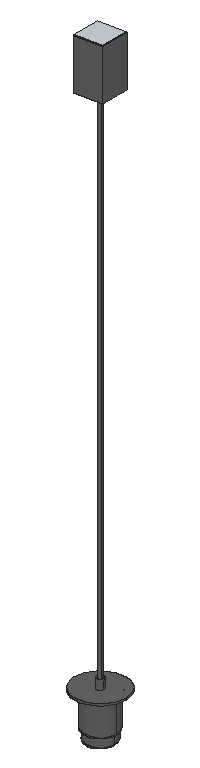
Revit family "LTC-3SQD-CM", category Lighting Fixtures, host Face, Revit 2021
Family settings
  Host = Face
  Round Connector Dimension = Use Diameter
  Part Type = Normal
  OmniClass Number = 23.80.70.11.14.11
  OmniClass Title = Downlights
  Cut with Voids When Loaded = No
  Light Source = Yes
  Shared = No
  Room Calculation Point = No
Parameters (values of type "LTC-3SQD-CM")
  Wattage Comments = "8-25W"
  Wattage = 100 W
  Warranty = "5 year warranty"  # constant formula
  built-in parameter 1150110 = 1 (stored number, unit not read)
  Voltage = 120 V
  built-in parameter 1114217 = 1 (stored number, unit not read)
  Tilt Angle = -90.00°  # constant formula
  built-in parameter 1150109 = 1 (stored number, unit not read)
  built-in parameter 1150134 = 3
  built-in parameter 1150113 = 1 (stored number, unit not read)
  Photometric Web File = "LTC-3SQD-P-20L35K8MD-DM1-S-BL.ies"
  Features = "•\t3inch architectural LED square downlight and wall wash cylinder delivering 600 - 2000 lm\r\n•\t4 beam distributions from 0.6 to 1.2 Spacing Criteria\r\n•\tQuiet reflector appearance with 50º optical cutoff\r\n•\t2700K - 5000K, 80+ and 90+ CRI options\r\n•\tAvailable in Surface, Wall, Pendant, or Cord Mount configurations\r\n•\tVariety of dimming protocol options including 0-10V, DALI, DMX, Forward Phase and EcoSystem\r\n•\tNX Distributed Intelligence™ wired and wireless controls capability available\r\n•\t2 SDCM color consistency\r\n•\tLong life L90 at 55,000 hrs (TM-21)\r\n•\tFive year warranty\r\n\r\n"  # constant formula
  Emit from Rectangle Width = 4.000"  # constant formula
  Emit from Rectangle Length = 4.000"  # constant formula
  Cord Height = 72.000"  # constant formula
  built-in parameter 1150105 = -5684000 (stored number, unit not read)
  Lumens = 2000 lm
  built-in parameter 1150115 = 1 (stored number, unit not read)
  built-in parameter 1150137 = (empty or 0)
  built-in parameter 1150139 = (empty or 0)
  built-in parameter 1150112 = 1 (stored number, unit not read)
  built-in parameter 1150114 = 1 (stored number, unit not read)
  built-in parameter 1150132 = 2
  built-in parameter 1150102 = (empty or 0)
  built-in parameter 1150107 = 3200 (stored number, unit not read)
  built-in parameter 1150138 = (empty or 0)
  built-in parameter 1150106 = -56840 (stored number, unit not read)
  Emit Shape Visible in Rendering = no
  built-in parameter 1150104 = 1.8581 (stored number, unit not read)
  Dimming Lamp Color Temperature Shift = <None>
  Copyright = "Prescolite"  # constant formula
  Contact us = ""
  Color Filter = 16777215
  Certifications = "• cCSAus certified to UL 1598\r\n• Wall Mount: Suitable for wet locations\r\n• Surface & Pendant Mount: Suitable for wet\r\nlocations under covered ceiling\r\n• Cord Mount and all Wall Wash: Suitable for\r\ndamp locations"  # constant formula
  built-in parameter 1114218 = 1 (stored number, unit not read)
  Ballast = Paint - Carbon Black
  URL = "https://www.currentlighting.com/prescolite"
  Product Page URL = ""
  Product Documentation Link = ""
  Model = "LTC-3SQD"  # constant formula
  Manufacturer = "Prescolite"  # constant formula
  Lamp = "LED Lamp"
  Reflector = Glass - Glass
  Description = "LITEISTRY™ 3inch Square Cylinder"  # constant formula
  Default Elevation = 48.000"
  built-in parameter 1150133 = 10 (stored number, unit not read)
  Apparent Load = 25 VA  # constant formula
Reference planes (in)
  plane 1 "Center (Front/Back)": y = 0
  plane 2: z = 0
  plane 3 "Center (Left/Right)": x = 0
  plane 4: z = 72
  plane 5: z = 71.75
  plane 6: x = -1
  plane 7: y = 1
  plane 8: x = 1
  plane 9: y = -1
  plane 10: z = 0.25
  plane 11: x = 3
  plane 12: x = -3
  plane 13: x = -2.75391
  plane 14: x = 2.75391
Forms (in)
  Revolve 1, solid, material "Paint - Carbon Black" <- "Ballast"
    sketch origin (0, 0, -5.91673) x (1, 0, 0) y (0, 0, 1)
      loop
        line (-0.5, 5.91673) -> (0, 5.91673) -> (0, 77.91673) -> (-0.38833, 77.91673) -> (-0.38833, 77.66673) -> (-0.25, 77.66673) -> (-0.25, 7.36595) -> (-0.5, 7.36595) -> (-0.5, 5.91673)
      axis (0, 77.91673) -> (0, 5.91673)
    angle from 0 to 360
  Extrusion 2, solid, material "Paint - Carbon Black" <- "Ballast"
    sketch origin (0, 0, 0) x (1, 0, 0) y (0, 1, 0)
      loop
        circle (0, 0) r 3.5
    from 0 to 0.25
  Revolve 3, solid, material "Paint - Carbon Black" <- "Ballast"
    sketch origin (0, 0, 0) x (1, 0, 0) y (0, 0, 1)
      loop
        line (0, -6) -> (0, 0.00055) -> (-2.5, 0.00055) -> (-2.5, -0.43712)
        arc (-2.5, -0.43712) -> (-2.48175, -0.48119) -> (-2.43767, -0.49945) r 0.06233
        line (-2.43767, -0.49945) -> (-2.30081, -0.49945)
        arc (-2.30081, -0.49945) -> (-2.26488, -0.51433) -> (-2.25, -0.55026) r 0.05081
        line (-2.25, -0.55026) -> (-2.25, -4.55877)
        arc (-2.25, -4.55877) -> (-2.2306, -4.6056) -> (-2.18377, -4.625) r 0.06623
        line (-2.18377, -4.625) -> (-2.03463, -4.625)
        arc (-2.03463, -4.625) -> (-2.01014, -4.63514) -> (-2, -4.65963) r 0.03463
        line (-2, -4.65963) -> (-2, -5.88059)
        arc (-2, -5.88059) -> (-1.96503, -5.96503) -> (-1.88059, -6) r 0.11941
        line (-1.88059, -6) -> (0, -6)
      axis (0, 0.00055) -> (0, -6)
    angle from 0 to 360
Cuts and joins
  joined: Revolve 1, Extrusion 2
Dimensions and locks (in)
  "Cord Height": plane 4 to host face
  locked: plane 4 to plane 5 at 0.25
  plane 6 to plane 3 "Center (Left/Right)" to plane 8 = 1.000" locked, 1.000" locked
  plane 7 to plane 1 "Center (Front/Back)" to plane 9 = 1.000" locked, 1.000" locked
  locked: plane 10 to level at 0.25
  host face to Revolve 3 sketch curve = 6.000"
  nested 1 to plane 4 = 7.000"
  aligned and locked: plane 2 to host face
  aligned and locked: Revolve 1 sketch curve to plane 4
  aligned and locked: Revolve 1 sketch curve to host face
  aligned and locked: plane 5 to Revolve 1 sketch curve
  aligned and locked: plane 3 "Center (Left/Right)" to nested 1
  aligned and locked: nested 1 to plane 1 "Center (Front/Back)"
  aligned and locked: Extrusion 2 to level
  aligned and locked: plane 10 to Extrusion 2
  aligned and locked: plane 3 "Center (Left/Right)" to imposter light
Automatic sketch dimensions
  host sketch curve to host sketch curve = 96.000"  (x2)
  Revolve 3 sketch curve to plane 3 "Center (Left/Right)" = 0.000"  (x2)
  plane 13 to Revolve 3 sketch curve = 0.87332"
  Revolve 3 sketch curve to Revolve 3 sketch curve = 0.11941"
  Revolve 3 sketch curve to Revolve 3 sketch curve = 0.03463"
  Revolve 3 sketch curve to Revolve 3 sketch curve = 0.14914"
  Revolve 3 sketch curve to Revolve 3 sketch curve = 0.06623"
  Revolve 3 sketch curve to Revolve 3 sketch curve = 0.05081"
  Revolve 3 sketch curve to Revolve 3 sketch curve = 0.13687"
  level to Revolve 3 sketch curve = 0.00055"
  plane 13 to Revolve 3 sketch curve = 0.25391"
  Revolve 3 sketch curve to Revolve 3 sketch curve = 1.22096"
  Revolve 3 sketch curve to level = 0.55026"
  Revolve 3 sketch curve to Revolve 3 sketch curve = 17.63999"
  plane 4 to Revolve 3 sketch curve = 31.07883"
  plane 1 "Center (Front/Back)" to Extrusion 2 sketch curve = 0.000"
  Extrusion 2 sketch curve to plane 3 "Center (Left/Right)" = 0.000"
  Revolve 1 sketch curve to plane 3 "Center (Left/Right)" = 0.000"  (x2)
  Revolve 1 sketch curve to plane 3 "Center (Left/Right)" = 0.250"
  Revolve 1 sketch curve to Revolve 1 sketch curve = 0.13833"
  Revolve 1 sketch curve to Revolve 1 sketch curve = 0.500"
  plane 10 to Revolve 1 sketch curve = 1.19922"
  Revolve 1 sketch curve to Revolve 1 sketch curve = 7.74272"
  Revolve 1 sketch curve to level = 13.75728"
  radius of Extrusion 2 sketch curve = 3.500"
Nested families (in)
  nested 1: "LTC" at (0, 0, 72) x (0, 1, 0) z (0, 0, 1), Ballast <- "Ballast", Reflector <- "Reflector", type "6"
    with Reflector Glass - Glass, Ballast Paint - Carbon Black
Connectors (in)
  electrical at (0, 0, 0), driven by "Description", driven by "Voltage", driven by "Apparent Load"
    settings: index 1, voltage 120 V, apparent load 25 VA, apparent load phase1 0 VA, apparent load phase2 0 VA, apparent load phase3 0 VA, power factor 1, load classification "Other", number of poles 1, system type 30, power factor state 1, is connector primary yes, connector utility no, sub classification motor no, connector description "LITEISTRY™ 3inch Square Cylinder"
Definition of nested family "LTC"
  Parameters
    Width = 3.92188"
    Wattage Comments = ""
    Lamp = ""
    Ballast [instance] = none
    URL = ""
    Product Page URL = ""
    Product Documentation Link = ""
    Model = ""
    Manufacturer Phone = ""
    Manufacturer Fax = ""
    Manufacturer = "Prescolite"
    Reflector [instance] = none
    Description = ""
    Default Elevation = 48.000"
  Reference planes (in)
    plane 1 "Center (Front/Back)": y = 0
    plane 2: z = 0
    plane 3 "Center (Left/Right)": x = 0
    plane 4: y = 1.96094
    plane 5: y = -1.96094
    plane 6: z = 7
    plane 7: z = 0.125
    plane 8: x = 1.96094
    plane 9: z = 6.875
    plane 10: x = -1.96094
  Forms (in)
    Extrusion 1, solid
      sketch origin (0, 0, 0) x (1, 0, 0) y (0, 1, 0)
        loop
          line (-48, 48) -> (-48, -48) -> (48, -48) -> (48, 48) -> (-48, 48)
      from 0 to -6
    Extrusion 2, solid, material <- "Reflector"
      sketch origin (0, 0, 30.25) x (1, 0, 0) y (0, 1, 0)
        loop
          line (-1.96094, 1.96094) -> (-1.96094, -1.96094) -> (1.96094, -1.96094) -> (1.96094, 1.96094) -> (-1.96094, 1.96094)
      from -23.25 to -23.375
    Extrusion 3, solid, material <- "Ballast"
      sketch origin (0, 0, 0) x (1, 0, 0) y (0, 1, 0)
        loop
          line (-1.96094, 1.96094) -> (-1.96094, -1.96094) -> (1.96094, -1.96094) -> (1.96094, 1.96094) -> (-1.96094, 1.96094)
      from 0 to 6.875
  Dimensions and locks (in)
    equal spacing: plane 4, plane 1 "Center (Front/Back)", plane 5
    "Width": plane 5 to plane 4
    equal spacing: plane 10, plane 3 "Center (Left/Right)", plane 8
    "Width": plane 10 to plane 8
    aligned and locked: plane 2 to Extrusion 1
    aligned and locked: Extrusion 2 to plane 9
    aligned and locked: plane 9 to Extrusion 3
  Automatic sketch dimensions
    Extrusion 1 sketch curve to Extrusion 1 sketch curve = 96.000"  (x2)
    Extrusion 3 sketch curve to plane 5 = 0.000"
    Extrusion 3 sketch curve to plane 10 = 0.000"
    Extrusion 3 sketch curve to plane 8 = 0.000"
    plane 4 to Extrusion 3 sketch curve = 0.000"
    Extrusion 2 sketch curve to plane 5 = 0.000"
    Extrusion 2 sketch curve to plane 10 = 0.000"
    Extrusion 2 sketch curve to plane 8 = 0.000"
    plane 4 to Extrusion 2 sketch curve = 0.000"
